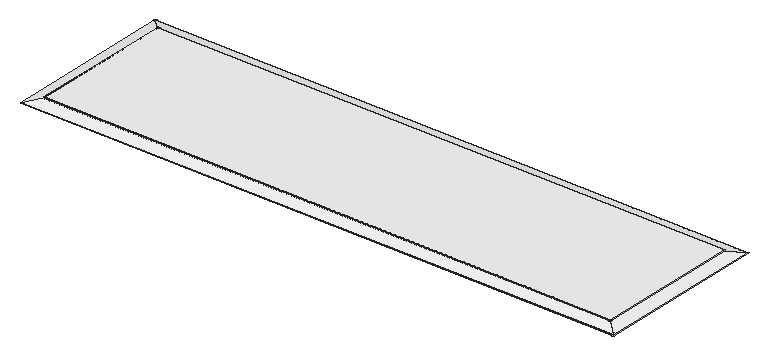
Revit family "NBS_COBAAfrica_EntMatt_TrioScraper", category Generic Models, host Face, Revit 2018
Family settings
  Host = Face
  Can host rebar = No
  Round Connector Dimension = Use Diameter
  Part Type = Normal
  Cut with Voids When Loaded = No
  Shared = No
  Room Calculation Point = No
Parameters (values of type "2000x500mm")
  WarrantyGuarantorLabor = "n/a"
  WarrantyDurationLabor = "n/a"
  Uniclass2015Version = "Products v1.15"
  Uniclass2015Title = "Entrance mats"
  Uniclass2015Code = "Pr_35_57_11_26"
  SurfaceInsertWidth = "n/a"
  SurfaceInsertOptions = "Can be custom designed with personalised logo or message"
  Pattern = "Polypropylene needle ribs alternated with woven brush and drying stripes in polyamide"
  MatwellEdgingWidth [instance] = 2.50 mm
  WarrantyStartDate [instance] = "1900-12-31T23:59:59"
  WarrantyGuarantorParts = "n/a"
  WarrantyDurationUnit = "year"
  WarrantyDurationParts = "n/a (dependent on application)"
  WarrantyDescription = "n/a"
  Version = "1"  # constant formula
  TrafficType = "Pedestrian, wheel chairs, pushchairs and trolleys"
  ThermalTransmittance = 0
  TagNumber [instance] = "n/a"
  SustainabilityPerformance = "n/a"
  SurfaceSpreadOfFlame = "n/a"
  Size = "n/a"
  Shape = "n/a"
  SerialNumber [instance] = "n/a"
  Revision = "n/a"
  ReplacementCost = "n/a"
  Reference = "n/a"
  RampedEdging [instance] = and(MattingSurface, EdgingRequired)  # yes
  ProductInformation = "https://www.matting.co.za/commercial/product/trio-scraper/"
  NominalWidth = EntranceMattingWidth  # 2000.00 mm
  NominalLength = EntranceMattingLength  # 500.00 mm
  NominalHeight = EntranceMattingHeight  # 13.00 mm
  Name = "EntMatt_TrioScraper_COBAAfrica"
  NBSReference = "45-35-35/420"
  NBSDescription = "Entrance matting"
  NBSCertification = "n/a"
  ModelReference = "Trio Scraper"
  ModelNumber = "PMD"
  MatwellEdging [instance] = and(MattingRecessed, EdgingRequired)  # no
  MattingHeight = "13 mm"
  Material = "100% Polypropylene needle ribs alternated with woven brush and drying stripes in polyamide"
  ManufacturerURL = "www.cobaafrica.com"
  ManufacturerName = "COBA Africa"  # constant formula
  LinkingJoints = "n/a"
  IsExternal = no
  IntegralAccessoryOptions = "Optional PVC bevelled edging"
  IntegralAccessories = "n/a"
  InstallationDate [instance] = "1900-12-31T23:59:59"
  IfcExportType = "FLOORING"  # constant formula
  IfcExportAs = "IfcCoveringType"  # constant formula
  HasNonSkidSurface = yes
  HasAntiStaticSurface = no
  Grade = "n/a"
  FragilityRating = "n/a"
  FlammabilityRating = "n/a"
  FireRating = "n/a"
  Finish = "n/a"
  Features = "n/a"
  ExpectedLife = "5 years plus if used in the correct environment for the volume and type of traffic as per specification"
  EdgingRequired [instance] = yes
  MattingSurface [instance] = yes
  MattingRecessed [instance] = not(MattingSurface)  # no
  MattingOffsetCalc [instance] = if(and(MattingSurface, not(EdgingRequired)), EntranceMattingHeight, if(and(MattingSurface, EdgingRequired), EntranceMattingHeight + 1.20 mm, 0.00 mm))  # 14.20 mm
  FloorRecessWidth [instance] = if(and(EdgingRequired, MattingRecessed), EntranceMattingWidth + (2 * MatwellEdgingWidth), EntranceMattingWidth)  # 2000.00 mm
  FloorRecessLength [instance] = if(and(EdgingRequired, MattingRecessed), EntranceMattingLength + (2 * MatwellEdgingWidth), EntranceMattingLength)  # 500.00 mm
  FloorRecessDepth [instance] = 25.00 mm
  Manufacturer = "sales@cobaafrica.com"  # constant formula
  MattingRecessCalc [instance] = if(and(MattingSurface, not(EdgingRequired)), EntranceMattingHeight + 0.50 mm, if(and(MattingSurface, EdgingRequired), EntranceMattingHeight + 1.70 mm, FloorRecessDepth))  # 14.70 mm
  EntranceMattingWidth = 2000.00 mm
  EntranceMattingMaterial = NBS_Concept
  EntranceMattingLength = 500.00 mm
  EntranceMattingHeight = 13.00 mm
  EdgingMaterial = NBS_Concept
  DurationUnit = "n/a"
  Description = "Superior high traffic entrance matting"
  Default Elevation = 1200.00 mm
  Construction = "Closed"
  Constituents = "n/a"
  Combustible = no
  Color = "n/a"
  CodePerformance = "n/a"
  Category = "n/a"
  CarpetColourOptions = "Brown, Anthracite, Grey"
  BaseMaterial = "Anti-slip latex"
  BaseColour = "Black"
  BarCode [instance] = "n/a"
  BIMObjectName = "NBS_COBAAfrica_EntranceMatting_TrioScraper"
  Author = "NBS"  # constant formula
  AssetType = "Fixed"
  AssetIdentifier [instance] = "n/a"
  ArrangementOptions = "Interior or exterior fully covered facility entrances in a mat well or loose-lay with PVC edging"
  Arrangement = "n/a"
  AcousticRating = "n/a"
  AccessibilityPerformance = "n/a"
Reference planes
  plane 1 "Center (Front/Back)": y = 0
  plane 2: z = 0
  plane 3 "Center (Left/Right)": x = 0
  plane 4: y = 250
  plane 5: y = -250
  plane 6: x = -1000
  plane 7: x = 1000
  plane 8 "MattingBottom": z = 1.2
  plane 9 "MattingTop": z = 14.2
  plane 10 "RecessBottom": z = -0.5
  plane 11: x = -1000
  plane 12: x = 1000
  plane 13: y = 250
  plane 14: y = -250
Forms (mm)
  Extrusion 1, solid, material "NBS_Concept" <- "EntranceMattingMaterial"
    sketch origin (-696.176, -4572, 1.2) x (-1, 0, 0) y (0, -1, 0)
      loop
        line (303.824, -4822) -> (303.824, -4322) -> (-1696.176, -4322) -> (-1696.176, -4822) -> (303.824, -4822)
    from 0 to 13
  Extrusion 2, void
    sketch origin (-696.176, -4572, 1.2) x (-1, 0, 0) y (0, -1, 0)
      loop
        line (303.824, -4822) -> (303.824, -4322) -> (-1696.176, -4322) -> (-1696.176, -4822) -> (303.824, -4822)
    from -1.7 to 13
  Sweep 3, solid, material "NBS_Concept" <- "EdgingMaterial", visible <- "RampedEdging"
    path in 3D
      loop
        line (-1000, 250, 1.2) -> (1000, 250, 1.2) -> (1000, -250, 1.2) -> (-1000, -250, 1.2) -> (-1000, 250, 1.2)
    profile origin (-1000, 0, 1.2) x (1, 0, 0) y (0, 0, -1)
      loop
        line (0, 0) -> (18, 0) -> (18, 1.2) -> (-46.339, 1.2)
        arc (-46.339, 1.2) -> (-46.996, 0.616) -> (-46.491, -0.104) r 0.661
        line (-46.491, -0.104) -> (-1.588, -10.672)
        arc (-1.588, -10.672) -> (-0.49, -10.428) -> (0, -9.415) r 1.292
        line (0, -9.415) -> (0, 0)
  Sweep 4, solid, material "NBS_Concept" <- "EdgingMaterial", visible <- "MatwellEdging"
    path in 3D
      loop
        line (-1000, 250, 1.2) -> (1000, 250, 1.2) -> (1000, -250, 1.2) -> (-1000, -250, 1.2) -> (-1000, 250, 1.2)
    profile origin (-1000, 0, 1.2) x (1, 0, 0) y (0, 0, -1)
      loop
        line (0, -13) -> (0, 0) -> (-2.5, 0) -> (-2.5, -13) -> (0, -13)
Lines and regions (mm)
  sketch lines
    curve 1: line (-1000, -250, 1.2) -> (-1000, 250, 1.2)
    curve 2: line (1000, -250, 1.2) -> (-1000, -250, 1.2)
    curve 3: line (-1000, 250, 1.2) -> (1000, 250, 1.2)
    curve 4: line (1000, 250, 1.2) -> (1000, -250, 1.2)
    curve 5: line (-1000, -250, 1.2) -> (-1000, 250, 1.2)
    curve 6: line (1000, -250, 1.2) -> (-1000, -250, 1.2)
    curve 7: line (-1000, 250, 1.2) -> (1000, 250, 1.2)
    curve 8: line (1000, 250, 1.2) -> (1000, -250, 1.2)
Dimensions and locks
  equal spacing: plane 4, plane 1 "Center (Front/Back)", plane 5
  "EntranceMattingLength": plane 4 to plane 5
  equal spacing: plane 6, plane 3 "Center (Left/Right)", plane 7
  "EntranceMattingWidth": plane 6 to plane 7
  "EntranceMattingHeight": plane 9 "MattingTop" to plane 8 "MattingBottom"
  "MattingOffsetCalc": plane 9 "MattingTop" to level
  "MattingRecessCalc": plane 9 "MattingTop" to plane 10 "RecessBottom"
  equal spacing: host sketch curve, plane 3 "Center (Left/Right)", host sketch curve
  "FloorRecessWidth": host sketch curve to host sketch curve
  equal spacing: host sketch curve, plane 1 "Center (Front/Back)", host sketch curve
  "FloorRecessLength": host sketch curve to host sketch curve
  locked: plane 6 to Sweep 3 sketch curve at 46.339
  locked: plane 8 "MattingBottom" to Sweep 3 sketch curve at 1.2
  equal spacing: plane 11, plane 3 "Center (Left/Right)", plane 12
  "FloorRecessWidth": plane 11 to plane 12
  equal spacing: plane 13, plane 1 "Center (Front/Back)", plane 14
  "FloorRecessLength": plane 13 to plane 14
  "MatwellEdgingWidth": Sweep 4 sketch curve to profile plane
  aligned and locked: plane 2 to host face
  aligned and locked: level to host face
  aligned and locked: plane 5 to Extrusion 1 sketch curve
  aligned and locked: Extrusion 1 sketch curve to plane 7
  aligned and locked: Extrusion 1 sketch curve to plane 4
  aligned and locked: plane 6 to Extrusion 1 sketch curve
  aligned and locked: Extrusion 1 to plane 8 "MattingBottom"
  aligned and locked: Extrusion 1 to plane 9 "MattingTop"
  aligned and locked: Extrusion 2 to plane 9 "MattingTop"
  aligned and locked: Extrusion 2 to plane 10 "RecessBottom"
  aligned and locked: plane 6 to Sweep 3 sketch curve
  aligned and locked: Sweep 3 sketch curve to plane 8 "MattingBottom"
  aligned and locked: Extrusion 2 sketch curve to plane 13
  aligned and locked: plane 11 to Extrusion 2 sketch curve
  aligned and locked: plane 14 to Extrusion 2 sketch curve
  aligned and locked: Extrusion 2 sketch curve to plane 12
  aligned and locked: Sweep 4 sketch curve to plane 8 "MattingBottom"
  aligned and locked: Sweep 4 sketch curve to plane 9 "MattingTop"
Automatic sketch dimensions
  Sweep 3 sketch curve to profile plane = 18.00 mm
  Sweep 3 sketch curve to profile plane = 9.415 mm
  Sweep 3 sketch curve to profile plane = 0.104 mm
  Sweep 3 sketch curve to Sweep 3 sketch curve = 0.151 mm
  profile plane to Sweep 3 sketch curve = 1.588 mm
  Sweep 3 sketch curve to Sweep 3 sketch curve = 0.296 mm
  profile plane to Sweep 4 sketch curve = 0.00 mm
